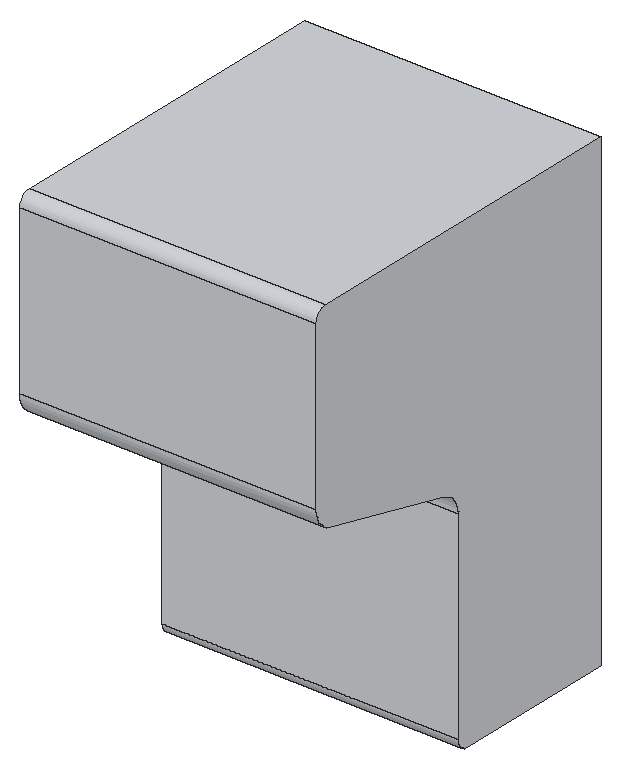
Revit family "Подушка апперкотная", category Оборудование, Revit 2017
Family settings
  Размер круглого соединителя = Использовать диаметр
  Тип детали = Нормальный
  На основе рабочей плоскости = Нет
  Всегда вертикально = Да
  При загрузке вырезать с полостями = Нет
  Общий = Нет
  Точка расчета площади = Нет
Parameters
  Ширина = 200.0 mm
  Примечание = ""
  Обозначение = ""
  Наименование = "Подушка апперкотная"
  Масса = ""
  Код оборудования = ""
  Keynote = ""
  Изготовитель = "Severin"
  Завод = ""
  Единицы = "шт."
  Группа модели = "ТХ"  # constant formula
  Глубина = 200.0 mm
  Высота = 300.0 mm
Reference planes
  plane 1 "По центру (Вперед/Назад)": y = 0
  plane 2: z = 0
  plane 3 "По центру (Влево/Вправо)": x = 0
  plane 4: z = 1500
  plane 5: z = 1900
  plane 6: y = -300
Forms (mm)
  Extrusion 1, solid, detail levels fine
    sketch origin (0, -1524, 571.719) x (0, 0, 1) y (0, -1, 0)
      loop
        line (1328.281, -1524) -> (1328.281, -1234)
        arc (1328.281, -1234) -> (1325.352, -1226.929) -> (1318.281, -1224) r 10
        line (1318.281, -1224) -> (1177.613, -1224)
        arc (1177.613, -1224) -> (1165.304, -1228.236) -> (1158.21, -1239.149) r 20
        line (1158.21, -1239.149) -> (1128.284, -1358.851)
        arc (1128.284, -1358.851) -> (1121.19, -1369.764) -> (1108.881, -1374) r 20
        line (1108.881, -1374) -> (938.281, -1374)
        arc (938.281, -1374) -> (931.21, -1376.929) -> (928.281, -1384) r 10
        line (928.281, -1384) -> (928.281, -1524) -> (1328.281, -1524)
    from -125 to 125
Lines and regions (mm)
  symbolic lines, detail levels coarse+medium
    curve 1: line (-125, 0, 0) -> (125, 0, 0)
    curve 2: line (-125, -300, 0) -> (-125, 0, 0)
    curve 3: line (125, -300, 0) -> (-125, -300, 0)
    curve 4: line (125, 0, 0) -> (125, -300, 0)
    curve 5: line (0, -265, 0) -> (-20.207, -300, 0)
    curve 6: line (0, -265, 0) -> (20.207, -300, 0)
Dimensions and locks
  aligned and locked: level to plane 2
  aligned and locked: Extrusion 1 to plane 4
  aligned and locked: plane 6 to Extrusion 1
